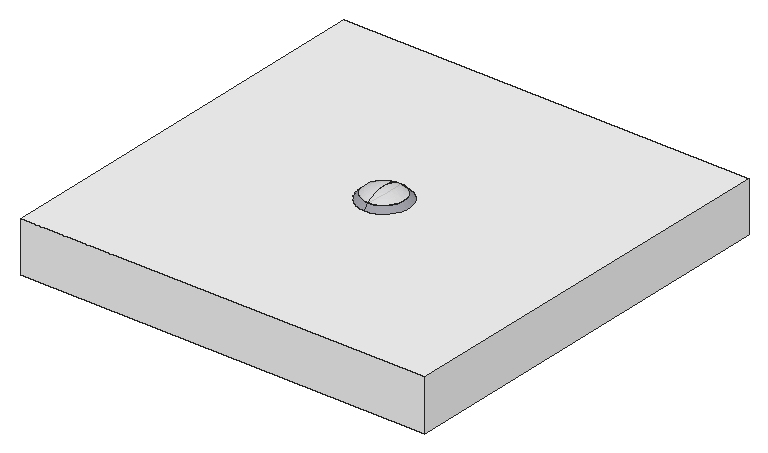
Revit family "Sarlam_Lighting_Bulkhead_Chartres_Essentiel_T1_Diam_300mm_1500Lm", category Luminaires, Revit 2020
Family settings
  Hôte = Face
  Cote de connecteur circulaire = Utiliser le diamètre
  Type d'élément = Normal
  Couper avec des vides une fois chargée = Non
  Source d'éclairage = Oui
  Partagée = Non
  Point de calcul de pièce = Non
Parameters (values of type "ON/OFF GREY METAL")
  Zone plafond formes 1à7 [instance] = and(not(Outer diameter = 328 mm), or([Standard Formes 1-3-6]), not([Detection area - Wall]), [Detection area - Ceiling])  # no
  Zone murale formes 1à7 [instance] = and(not(Outer diameter = 328 mm), or([Standard Formes 1-3-6]), [Detection area - Wall], not([Detection area - Ceiling]))  # no
  With movement sensor = no
  With light sensor = no
  Width = 300 mm
  Voltage type = "AC"
  Type of dimming = "Not dimmable"
  Type of control gear = "LED operating device current-controlled"
  System power W = 14
  Suitable for wall mounting = yes
  Suitable for suspended mounting = no
  Suitable for surface mounting = yes
  Suitable for ceiling mounting = yes
  Suitable for built-in mounting = no
  Radiation angle = "Open beam"
  Protection Class = "II"
  Outer diameter = 300 mm
  Nominal voltage (Un) V MIN = 207
  Nominal voltage (Un) V MAX = 253
  Nominal current mA MIN = 55
  Nominal current mA MAX = 68
  Material housing = Plastique
  Light sharing = "Symmetric"
  Length = 300 mm
  Lamp type = "LED not exchangeable"
  Lamp power at multiwatt = "14/24W"
  Lamp power W = ""
  Lamp holder = "None"
  Impact strength (IK) = "IK10"
  Height/depth = 70 mm
  General Conditions of Use = "https://export.legrand.com/en/terms-of-use-BIM-objects"
  Effective luminous flux lm = 1500
  Detection area = ""
  URL = "http://www.legrandoc.com/SL532108"
  built-in parameter 1150107 = 3200 (stored number, unit not read)
  Standard Formes 1-3-6 = yes
  Wattage = 9.2903 W
  built-in parameter 1150110 = 1 (stored number, unit not read)
  built-in parameter 1150109 = 1 (stored number, unit not read)
  built-in parameter 1114218 = 1 (stored number, unit not read)
  built-in parameter 1150113 = 1 (stored number, unit not read)
  built-in parameter 1150112 = 1 (stored number, unit not read)
  built-in parameter 1150137 = (empty or 0)
  built-in parameter 1150132 = (empty or 0)
  Modèle = "SL-532108"
  built-in parameter 1150105 = 109.82 (stored number, unit not read)
  built-in parameter 1150102 = (empty or 0)
  Dimming Lamp Color Temperature Shift = (empty or 0)
  Lumens = 1380 lm
  Color Filter = 16777215
  Fichier de distribution photométrique = "SL532106.ies"
  built-in parameter 1114217 = 1 (stored number, unit not read)
  built-in parameter 1150139 = (empty or 0)
  Fabricant = "LEGRAND"
  Emettre à partir du diamètre du cercle = 200 mm
  Emit Shape Visible in Rendering = no
  built-in parameter 1150104 = 13.8 (stored number, unit not read)
  built-in parameter 1150106 = 1.0982 (stored number, unit not read)
  built-in parameter 1150115 = 1 (stored number, unit not read)
  built-in parameter 1150114 = 1 (stored number, unit not read)
  Description = "CHARTRES ESSENTIEL 1500LM 4000K STANDARD ON/OFF SILVER"
  Degree of protection (IP) = "IP55"
  built-in parameter 1150138 = (empty or 0)
  built-in parameter 1150134 = 3
  Colour temperature K MIN = 4000
  Colour temperature K MAX = 4000
  Colour rendering index CRI = "80-89"
  Colour housing = LEGRAND - Grey
  Built-in width = 300 mm
  Built-in length = 0 mm
  Built-in height/depth = 0 mm
  Built-in diameter = 0 mm
  Tilt Angle = 0.00°
  Detection area - Ceiling [instance] = no
  Detection area - Wall [instance] = no
  Elévation par défaut = 2500 mm
  Tag [instance] = no
  built-in parameter 1150133 = 10 (stored number, unit not read)
Types (6, lengths in mm): name | With movement sensor | With light sensor | System power W | Nominal current mA MIN | Nominal current mA MAX | Detection area | URL | Modèle | Description | Colour housing
  ON/OFF WHITE | no | no | 14 | 55 | 68 | "" | "http://www.legrandoc.com/SL532106" | "SL-532106" | "CHARTRES ESSENTIEL 1500LM 4000K STANDARD ON/OFF WHITE" | LEGRAND - White
  ON/OFF ANTHRACITE | no | no | 14 | 55 | 68 | "" | "http://www.legrandoc.com/SL532107" | "SL-532107" | "CHARTRES ESSENTIEL 1500LM 4000K STANDARD ON/OFF BLACK" | LEGRAND - Anthracite
  ON/OFF GREY METAL | no | no | 14 | 55 | 68 | "" | "http://www.legrandoc.com/SL532108" | "SL-532108" | "CHARTRES ESSENTIEL 1500LM 4000K STANDARD ON/OFF SILVER" | LEGRAND - Grey
  With microwave sensor WHITE | yes | yes | 15 | 59 | 73 | "Detection at 2,5m high Ceiling: Ø6m max Wall: Ellipse 16*17m" | "http://www.legrandoc.com/SL532146" | "SL-532146" | "CHARTRES ESSENTIEL 1500LM 4000K  STANDARD DETECTION HF WHITE" | LEGRAND - White
  With microwave sensor ANTHRACITE | yes | yes | 15 | 59 | 73 | "Detection at 2,5m high Ceiling: Ø6m max Wall: Ellipse 16*17m" | "http://www.legrandoc.com/SL532147" | "SL-532147" | "CHARTRES ESSENTIEL 1500LM 4000K  STANDARD DETECTION HF BLACK" | LEGRAND - Anthracite
  With microwave sensor GREY METAL | yes | yes | 15 | 59 | 73 | "Detection at 2,5m high Ceiling: Ø6m max Wall: Ellipse 16*17m" | "http://www.legrandoc.com/SL532148" | "SL-532148" | "CHARTRES ESSENTIEL 1500LM 4000K  STANDARD DETECTION HF SILVER" | LEGRAND - Grey
Reference planes
  plane 1 "Centre (avant/arrière)": y = 0
  plane 2: z = 0
  plane 3 "Centre (gauche/droite)": x = 0
  plane 4: z = 90
Forms (mm)
  Extrusion 1, solid, material "Blanc"
    sketch origin (0, 0, 0) x (1, 0, 0) y (0, 1, 0)
      loop
        line (-1219.2, 1219.2) -> (-1219.2, -1219.2) -> (1219.2, -1219.2) -> (1219.2, 1219.2) -> (-1219.2, 1219.2)
    from 0 to -304.8
Lines and regions (mm)
  model lines, not visible
    curve 1: line (0, 0, 0) -> (0, 0, 2230)
    curve 2: line (0, 0, 0) -> (0, 3300, 0)
    curve 3: line (0, 0, 0) -> (-2620, 0, 0)
Dimensions and locks
  level to plane 4 = 90 mm
  aligned and locked: plane 2 to Extrusion 1
  aligned and locked: level to Extrusion 1
  aligned and locked: imposter light to plane 4
  aligned and locked: plane 3 "Centre (gauche/droite)" to imposter light
Nested families
  nested 1: "Zone de détection murale Chartres-Astreo" at (0, 0, 0) x (0, 0, 1) z (0, -1, 0), visible <- "Detection area - Wall", type "Zone de détection murale"
  nested 2: "Formes 1-2-3-4-6-7-8-9" at (0, 0, 0), type "Formes"
    with Standard Formes 1-3-6 yes, Fl 70 mm, Dimension hublot 121.1 mm, Diamètre total 300 mm, Courbure 195.7 mm
  nested 3: "Zone de détection plafond Chartres-Astreo" at (0, 0, 2500), visible <- "Detection area - Ceiling", type "Zone de détection plafond"
    with Zone plafond Formes 8à9 no
  nested 4: "Zone de détection murale Chartres-Astreo" at (0, 0, 0) x (0, 0, 1) z (1, 0, 0), visible <- "Detection area - Wall", type "Zone de détection murale"
  nested 5: "Etiquette de zone" at (-40, 225, 0) x (-1, 0, 0) z (0, 0, 1), visible <- "Tag", type "Etiquette de zone"
Connectors
  electrical at (0, 0, 0)
    settings: on nested 2, index 1, voltage 230 V, apparent load 0 VA, apparent load phase1 0 VA, apparent load phase2 0 VA, apparent load phase3 0 VA, power factor 1, load classification "Eclairage", number of poles 1, system type 30, power factor state 1, is connector primary yes, connector utility no, sub classification motor no, connector description ""
Definition of nested family "Formes 1-2-3-4-6-7-8-9"
  Parameters (values of type "Formes")
    Standard Forme 8 = no
    Standard Formes 1-3-6 = no
    Matériau hublot = none
    Matériau corps = none
    Fl = if(Diamètre total < 325 mm, 70 mm, if(Diamètre total = 328 mm, 107 mm, 90 mm))  # 107 mm
    Default Elevation = 0 mm
    Dimension hublot = if(Diamètre total = 300 mm, 121.1 mm, if(Diamètre total = 322 mm, 129.3 mm, if(Diamètre total = 328 mm, 148.6 mm, if(Diamètre total = 420 mm, 179.2 mm, 185.3 mm))))  # 148.6 mm
    Diamètre total = 328 mm
    Courbure = if(Diamètre total = 300 mm, 195.7 mm, if(Diamètre total = 322 mm, 220.2 mm, if(Diamètre total = 328 mm, 179.2 mm, if(Diamètre total = 420 mm, 290 mm, 307.8 mm))))  # 179.2 mm
    Couleur corps = none
    Antivandale Forme 9 = no
    Antivandale Formes 2-4-7 = no
  Reference planes
    plane 1 "Centre (avant/arrière)": y = 0
    plane 2: z = 0
    plane 3 "Centre (gauche/droite)": x = 0
    plane 4: y = 164
    plane 5: y = -164
    plane 6: y = 148.6
  Forms (mm)
    Revolve 1, solid, material <- "Matériau hublot"
      sketch origin (0, 0, 0) x (0, 0, -1) y (0, 1, 0)
        loop
          arc (-28, 148.6) -> (-86.03, 84.151) -> (-107, 0) r 179.2
          line (-107, 0) -> (-28, 0) -> (-28, 148.6)
        axis (-28, 0) -> (-107, 0)
      angle from 0 to 360
  Dimensions and locks
    equal spacing: plane 4, plane 1 "Centre (avant/arrière)", plane 5
    "Diamètre total": plane 4 to plane 5
    equal spacing: plane 5, plane 1 "Centre (avant/arrière)", plane 4
    "Dimension hublot": plane 1 "Centre (avant/arrière)" to plane 6
    "Fl": Revolve 1 sketch curve to plane 2
    "Courbure": radius of Revolve 1 sketch curve
    aligned and locked: level to plane 2
    aligned and locked: plane 6 to Revolve 1 sketch curve
    aligned and locked: plane 2 to nested 2
  Automatic sketch dimensions
    Revolve 1 sketch curve to plane 1 "Centre (avant/arrière)" = 0 mm  (x2)
    level to Revolve 1 sketch curve = 28 mm
    Revolve 1 sketch curve to Revolve 1 sketch curve = 1811.469 mm
    Revolve 1 sketch curve to Revolve 1 sketch curve = 1147.22 mm
  Nested families
    nested 1: "Corps standard Formes 1-3-6" at (0, 0, 0), visible <- "Standard Formes 1-3-6", type "Corps standard Formes 1-3-6"
      with Diamètre 328 mm
    nested 2: "Corps antivandale Formes 2-4-7" at (0, 0, 0), visible <- "Antivandale Formes 2-4-7", type "Corps antivandale Formes 2-4-7"
      with Diamètre 328 mm
    nested 3: "Corps standard Forme 8" at (0, 0, 0), visible <- "Standard Forme 8", type "Corps standard Forme 8"
    nested 4: "Corps antivandale Forme 9" at (0, 0, 0), visible <- "Antivandale Forme 9", type "Corps antivandale Forme 9"
  Definition of nested family "Corps standard Formes 1-3-6"
    Parameters (values of type "Corps standard")
      Matériau corps = none
      Default Elevation = 0 mm
      Couleur corps = none
      Diamètre = 322 mm
      Courbure = if(Diamètre < 400 mm, 195.7 mm, 290 mm)  # 195.7 mm
    Reference planes
      plane 1 "Centre (avant/arrière)": y = 0
      plane 2: z = 0
      plane 3 "Centre (gauche/droite)": x = 0
      plane 4: y = 161
      plane 5: y = -161
      plane 6: z = 28
    Forms (mm)
      Revolve 1, solid, material <- "Couleur corps"
        sketch origin (0, 0, 0) x (0, 0, -1) y (0, 1, 0)
          loop
            line (0, 0) -> (0, 161)
            arc (0, 161) -> (-14.55, 149.906) -> (-28, 137.502) r 195.7
            line (-28, 137.502) -> (-28, 0) -> (0, 0)
          axis (0, 0) -> (-28, 0)
        angle from 0 to 360
    Dimensions and locks
      equal spacing: plane 4, plane 1 "Centre (avant/arrière)", plane 5
      "Diamètre": plane 4 to plane 5
      equal spacing: plane 5, plane 1 "Centre (avant/arrière)", plane 4
      "Courbure": radius of Revolve 1 sketch curve
      aligned and locked: level to plane 2
      aligned and locked: plane 2 to Revolve 1  (x2)
      aligned and locked: Revolve 1 to plane 2
      aligned and locked: plane 6 to Revolve 1
    Automatic sketch dimensions
      Revolve 1 sketch curve to plane 1 "Centre (avant/arrière)" = 0 mm  (x3)
      Revolve 1 sketch curve to plane 6 = 0 mm
      Revolve 1 sketch curve to level = 0 mm
      Revolve 1 sketch curve to plane 4 = 0 mm
      plane 6 to Revolve 1 sketch curve = 1833.51 mm
      Revolve 1 sketch curve to Revolve 1 sketch curve = 1167.217 mm
  Definition of nested family "Corps antivandale Formes 2-4-7"
    Parameters (values of type "Corps antivandale")
      Rayon réseau vis = if(Diamètre < 400 mm, 137.2 mm, 193.2 mm)  # 137.2 mm
      Matériau corps = none
      Default Elevation = 0 mm
      Diamètre = 322 mm
      Courbure = if(Diamètre < 400 mm, 220.2 mm, 307.8 mm)  # 220.2 mm
      Couleur corps = none
    Reference planes
      plane 1 "Centre (avant/arrière)": y = 0
      plane 2: z = 0
      plane 3 "Centre (gauche/droite)": x = 0
      plane 4: y = 161
      plane 5: y = -161
      plane 6: z = 28
      plane 7: through (0, 0, 1200) normal (0.5, 0.866, 0)
      plane 8: through (0, 0, 1200) normal (0.5, -0.866, 0)
    Forms (mm)
      Revolve 1, solid, material <- "Couleur corps"
        sketch origin (0, 0, 0) x (0, 0, -1) y (0, 1, 0)
          loop
            line (0, 0) -> (0, 161)
            arc (0, 161) -> (-14.762, 145.835) -> (-28, 129.323) r 220.2
            line (-28, 129.323) -> (-28, 0) -> (0, 0)
          axis (0, 0) -> (-28, 0)
        angle from 0 to 360
      Extrusion 2, solid, material <- "Couleur corps"
        sketch origin (0, -0.04, 0) x (1, 0, 0) y (0, 1, 0)
          loop
            line (-4, 129.32) -> (-4, 137.3)
            arc (-4, 137.3) -> (0, 141.3) -> (4, 137.3) r 4
            line (4, 137.3) -> (4, 129.32)
            arc (4, 129.32) -> (5, 129.285) -> (6, 129.243) r 129.323
            line (6, 129.243) -> (6, 137.3)
            arc (6, 137.3) -> (0, 143.3) -> (-6, 137.3) r 6
            line (-6, 137.3) -> (-6, 129.243)
            arc (-6, 129.243) -> (-5, 129.285) -> (-4, 129.32) r 129.323
        from 15.189 to 28
      Extrusion 3, solid, material <- "Couleur corps"
        sketch origin (-0.035, 0.02, 0) x (-0.5, -0.866025, 0) y (0.866025, -0.5, 0)
          loop
            line (-4, 129.32) -> (-4, 137.3)
            arc (-4, 137.3) -> (0, 141.3) -> (4, 137.3) r 4
            line (4, 137.3) -> (4, 129.32)
            arc (4, 129.32) -> (5, 129.285) -> (6, 129.243) r 129.323
            line (6, 129.243) -> (6, 137.3)
            arc (6, 137.3) -> (0, 143.3) -> (-6, 137.3) r 6
            line (-6, 137.3) -> (-6, 129.243)
            arc (-6, 129.243) -> (-5, 129.285) -> (-4, 129.32) r 129.323
        from 15.189 to 28
      Extrusion 4, solid, material <- "Couleur corps"
        sketch origin (0.035, 0.02, 0) x (-0.5, 0.866025, 0) y (-0.866025, -0.5, 0)
          loop
            line (-4, 129.32) -> (-4, 137.3)
            arc (-4, 137.3) -> (0, 141.3) -> (4, 137.3) r 4
            line (4, 137.3) -> (4, 129.32)
            arc (4, 129.32) -> (5, 129.285) -> (6, 129.243) r 129.323
            line (6, 129.243) -> (6, 137.3)
            arc (6, 137.3) -> (0, 143.3) -> (-6, 137.3) r 6
            line (-6, 137.3) -> (-6, 129.243)
            arc (-6, 129.243) -> (-5, 129.285) -> (-4, 129.32) r 129.323
        from 15.189 to 28
      Revolve 5, solid
        sketch origin (0, 0.018, -12.656) x (0, 1, 0) y (0, 0, 1)
          loop
            line (136.525, 38.942) -> (136.525, 29.094) -> (136.962, 29.907) -> (137.751, 35.518) -> (140.148, 38.942) -> (136.525, 38.942)
          axis (136.525, 29.094) -> (136.525, 38.942)
        angle from 0 to 360
      Revolve 6, solid
        sketch origin (0.016, -0.009, -12.656) x (0.866025, -0.5, 0) y (0, 0, 1)
          loop
            line (136.525, 38.942) -> (136.525, 29.094) -> (136.962, 29.907) -> (137.751, 35.518) -> (140.148, 38.942) -> (136.525, 38.942)
          axis (136.525, 29.094) -> (136.525, 38.942)
        angle from 0 to 360
      Revolve 7, solid
        sketch origin (-0.016, -0.009, -12.656) x (-0.866025, -0.5, 0) y (0, 0, 1)
          loop
            line (136.525, 38.942) -> (136.525, 29.094) -> (136.962, 29.907) -> (137.751, 35.518) -> (140.148, 38.942) -> (136.525, 38.942)
          axis (136.525, 29.094) -> (136.525, 38.942)
        angle from 0 to 360
    Cuts and joins
      joined: Revolve 1, Extrusion 2
    Lines and regions (mm)
      model lines
        curve 1: line (-2.5, 136.543, 26.285) -> (2.5, 136.543, 26.285)
        curve 2: line (0, 138.995, 26.285) -> (0, 133.995, 26.285)
        curve 3: line (119.5, -66.107, 26.285) -> (117, -70.437, 26.285)
        curve 4: line (120.373, -69.497, 26.285) -> (116.043, -66.997, 26.285)
        curve 5: line (-117, -70.437, 26.285) -> (-119.5, -66.107, 26.285)
        curve 6: line (-120.373, -69.497, 26.285) -> (-116.043, -66.997, 26.285)
    Dimensions and locks
      equal spacing: plane 4, plane 1 "Centre (avant/arrière)", plane 5
      "Diamètre": plane 4 to plane 5
      equal spacing: plane 5, plane 1 "Centre (avant/arrière)", plane 4
      "Courbure": radius of Revolve 1 sketch curve
      "Rayon réseau vis": radius of radial array
      aligned and locked: level to plane 2
      aligned and locked: plane 2 to Revolve 1  (x2)
      aligned and locked: Revolve 1 to plane 2
      aligned and locked: plane 6 to Revolve 1
    Automatic sketch dimensions
      Extrusion 2 sketch curve to Extrusion 2 sketch curve = 0 mm  (x9)
      Extrusion 2 sketch curve to Extrusion 2 sketch curve = 7.98 mm
      Extrusion 2 sketch curve to Extrusion 2 sketch curve = 0.077 mm
      Extrusion 2 sketch curve to Extrusion 2 sketch curve = 2 mm
      Extrusion 2 sketch curve to Extrusion 2 sketch curve = 4 mm
      Extrusion 2 sketch curve to Extrusion 2 sketch curve = 6 mm
      Extrusion 3 sketch curve to Extrusion 3 sketch curve = 0 mm  (x9)
      Extrusion 3 sketch curve to Extrusion 3 sketch curve = 7.98 mm
      Extrusion 3 sketch curve to Extrusion 3 sketch curve = 0.077 mm
      Extrusion 3 sketch curve to Extrusion 3 sketch curve = 2 mm
      Extrusion 3 sketch curve to Extrusion 3 sketch curve = 4 mm
      Extrusion 3 sketch curve to Extrusion 3 sketch curve = 6 mm
      Extrusion 4 sketch curve to Extrusion 4 sketch curve = 0 mm  (x9)
      Extrusion 4 sketch curve to Extrusion 4 sketch curve = 7.98 mm
      Extrusion 4 sketch curve to Extrusion 4 sketch curve = 0.077 mm
      Extrusion 4 sketch curve to Extrusion 4 sketch curve = 2 mm
      Extrusion 4 sketch curve to Extrusion 4 sketch curve = 4 mm
      Extrusion 4 sketch curve to Extrusion 4 sketch curve = 6 mm
      Revolve 7 sketch curve to Revolve 7 sketch curve = 0.437 mm  (x2)
      Revolve 7 sketch curve to Revolve 7 sketch curve = 1.226 mm  (x2)
      Revolve 7 sketch curve to Revolve 7 sketch curve = 2.397 mm
      Revolve 7 sketch curve to Revolve 7 sketch curve = 0.813 mm  (x2)
      Revolve 7 sketch curve to Revolve 7 sketch curve = 5.611 mm  (x2)
      Revolve 7 sketch curve to Revolve 7 sketch curve = 3.424 mm  (x2)
      Revolve 7 sketch curve to Revolve 7 sketch curve = 0 mm  (x2)
      Revolve 7 sketch curve to Revolve 7 sketch curve = 0.975 mm
      Revolve 7 sketch curve to Revolve 7 sketch curve = 3.281 mm  (x2)
      Revolve 5 sketch curve to Revolve 5 sketch curve = 0.437 mm  (x2)
      Revolve 5 sketch curve to Revolve 5 sketch curve = 1.226 mm  (x2)
      Revolve 5 sketch curve to Revolve 5 sketch curve = 3.623 mm
      Revolve 5 sketch curve to Revolve 5 sketch curve = 5.611 mm  (x2)
      Revolve 5 sketch curve to Revolve 5 sketch curve = 3.424 mm  (x2)
      Revolve 5 sketch curve to Revolve 5 sketch curve = 0 mm  (x2)
      Revolve 5 sketch curve to Revolve 5 sketch curve = 0.813 mm  (x2)
      Revolve 5 sketch curve to Revolve 5 sketch curve = 0.162 mm
      Revolve 5 sketch curve to Revolve 5 sketch curve = 3.281 mm  (x2)
      Revolve 6 sketch curve to Revolve 6 sketch curve = 0.437 mm  (x2)
      Revolve 6 sketch curve to Revolve 6 sketch curve = 1.226 mm  (x2)
      Revolve 6 sketch curve to Revolve 6 sketch curve = 3.623 mm
      Revolve 6 sketch curve to Revolve 6 sketch curve = 5.611 mm  (x2)
      Revolve 6 sketch curve to Revolve 6 sketch curve = 3.424 mm  (x2)
      Revolve 6 sketch curve to Revolve 6 sketch curve = 0 mm  (x2)
      Revolve 6 sketch curve to Revolve 6 sketch curve = 0.813 mm  (x2)
      Revolve 6 sketch curve to Revolve 6 sketch curve = 0.162 mm
      Revolve 6 sketch curve to Revolve 6 sketch curve = 3.281 mm  (x2)
      Revolve 7 sketch curve to Revolve 7 sketch curve = 3.623 mm
      Revolve 7 sketch curve to Revolve 7 sketch curve = 0.162 mm
      curve 2 to Revolve 5 = 0 mm
      curve 2 to curve 1 = 2.548 mm
      curve 1 to curve 2 = 2.452 mm
      Revolve 5 to curve 1 = 2.5 mm
      curve 1 to Revolve 5 = 2.5 mm
      curve 4 to Revolve 6 = 0 mm
      curve 4 to curve 3 = 2.548 mm
      curve 3 to curve 4 = 2.452 mm
      Revolve 6 to curve 3 = 2.5 mm
      curve 3 to Revolve 6 = 2.5 mm
      curve 6 to Revolve 7 = 0 mm
      curve 6 to curve 5 = 2.548 mm
      curve 5 to curve 6 = 2.452 mm
      Revolve 7 to curve 5 = 2.5 mm
      curve 5 to Revolve 7 = 2.5 mm
      Revolve 5 sketch curve to Revolve 5 sketch curve = 2.397 mm
      Revolve 5 sketch curve to Revolve 5 sketch curve = 0.975 mm
      Revolve 6 sketch curve to Revolve 6 sketch curve = 2.397 mm
      Revolve 6 sketch curve to Revolve 6 sketch curve = 0.975 mm
      Revolve 1 sketch curve to plane 1 "Centre (avant/arrière)" = 0 mm  (x3)
      Revolve 1 sketch curve to plane 6 = 0 mm
      Revolve 1 sketch curve to level = 0 mm
      Revolve 1 sketch curve to plane 4 = 0 mm
      plane 6 to Revolve 1 sketch curve = 1833.51 mm
      Revolve 1 sketch curve to Revolve 1 sketch curve = 1128.321 mm
  Definition of nested family "Corps standard Forme 8"
    Parameters (values of type "Corps standard Forme 8")
      Matériau corps = none
      Default Elevation = 0 mm
      Couleur corps = none
      Diamètre = 328 mm
    Reference planes
      plane 1 "Centre (avant/arrière)": y = 0
      plane 2: z = 0
      plane 3 "Centre (gauche/droite)": x = 0
      plane 4: y = 164
      plane 5: y = -164
      plane 6: z = 28
      plane 7: y = 7.5
      plane 8: y = -7.5
    Forms (mm)
      Revolve 1, solid, material <- "Couleur corps"
        sketch origin (0, 0, 0) x (0, 0, -1) y (0, 1, 0)
          loop
            line (0, 0) -> (0, 164)
            arc (0, 164) -> (-14.345, 156.905) -> (-28, 148.559) r 179.182
            line (-28, 148.559) -> (-28, 0) -> (0, 0)
          axis (0, 0) -> (-28, 0)
        angle from 0 to 360
      Sweep 2, void
        path origin (0, 0, 0) x (1, 0, 0) y (0, 1, 0)
          loop
            arc (153.049, 7.5) -> (0, 153.232) -> (-153.049, 7.5) r 153.232
        profile origin (0, 153.232, 0) x (0, -1, 0) y (0, 0, 1)
          loop
            line (-5.469, 6.213) -> (-10.469, 16.465) -> (-10.469, 6.213) -> (-5.469, 6.213)
      Sweep 3, void
        path origin (0, 0, 0) x (1, 0, 0) y (0, 1, 0)
          loop
            arc (153.049, 7.5) -> (0, 153.232) -> (-153.049, 7.5) r 153.232
        profile origin (0, 153.232, 0) x (0, -1, 0) y (0, 0, 1)
          loop
            line (-1.643, 13.471) -> (-6.643, 23.723) -> (-6.643, 13.471) -> (-1.643, 13.471)
      Sweep 4, void
        path origin (0, 0, 0) x (1, 0, 0) y (0, -1, 0)
          loop
            arc (153.049, 7.5) -> (0, 153.232) -> (-153.049, 7.5) r 153.232
        profile origin (0, -153.232, 0) x (0, -1, 0) y (0, 0, 1)
          loop
            line (1.643, 13.471) -> (6.643, 13.471) -> (6.643, 23.723) -> (1.643, 13.471)
      Sweep 5, void
        path origin (0, 0, 0) x (1, 0, 0) y (0, -1, 0)
          loop
            arc (153.049, 7.5) -> (0, 153.232) -> (-153.049, 7.5) r 153.232
        profile origin (0, -153.232, 0) x (0, -1, 0) y (0, 0, 1)
          loop
            line (5.469, 6.213) -> (10.469, 6.213) -> (10.469, 16.465) -> (5.469, 6.213)
    Cuts and joins
      Sweep 2, Sweep 3, Sweep 4, Sweep 5 cuts Revolve 1
    Dimensions and locks
      equal spacing: plane 4, plane 1 "Centre (avant/arrière)", plane 5
      "Diamètre": plane 4 to plane 5
      equal spacing: plane 5, plane 1 "Centre (avant/arrière)", plane 4
      aligned and locked: level to plane 2
      aligned and locked: plane 2 to Revolve 1  (x2)
      aligned and locked: Revolve 1 to plane 2
      aligned and locked: plane 6 to Revolve 1
    Automatic sketch dimensions
      Sweep 2 sketch curve to plane 7 = 0 mm  (x2)
      plane 1 "Centre (avant/arrière)" to Sweep 2 sketch curve = 0 mm
      Sweep 2 sketch curve to plane 3 "Centre (gauche/droite)" = 0 mm
      Sweep 2 sketch curve to plane 3 "Centre (gauche/droite)" = 153.049 mm
      Sweep 3 sketch curve to plane 7 = 0 mm  (x2)
      plane 1 "Centre (avant/arrière)" to Sweep 3 sketch curve = 0 mm
      Sweep 3 sketch curve to plane 3 "Centre (gauche/droite)" = 0 mm
      Sweep 3 sketch curve to plane 3 "Centre (gauche/droite)" = 153.049 mm
      Sweep 4 sketch curve to plane 8 = 0 mm  (x2)
      plane 1 "Centre (avant/arrière)" to Sweep 4 sketch curve = 0 mm
      Sweep 4 sketch curve to plane 3 "Centre (gauche/droite)" = 0 mm
      plane 3 "Centre (gauche/droite)" to Sweep 4 sketch curve = 153.049 mm
      Sweep 5 sketch curve to plane 8 = 0 mm  (x2)
      plane 1 "Centre (avant/arrière)" to Sweep 5 sketch curve = 0 mm
      Sweep 5 sketch curve to plane 3 "Centre (gauche/droite)" = 0 mm
      plane 3 "Centre (gauche/droite)" to Sweep 5 sketch curve = 153.049 mm
      Revolve 1 sketch curve to plane 1 "Centre (avant/arrière)" = 0 mm  (x3)
      Revolve 1 sketch curve to plane 6 = 0 mm
      Revolve 1 sketch curve to level = 0 mm
      Revolve 1 sketch curve to plane 4 = 0 mm
      Revolve 1 sketch curve to Revolve 1 sketch curve = 72.182 mm
      plane 6 to Revolve 1 sketch curve = 1833.51 mm
      Revolve 1 sketch curve to Revolve 1 sketch curve = 1201.817 mm
      profile plane to Sweep 2 sketch curve = 10.469 mm
      Sweep 2 sketch curve to Sweep 2 sketch curve = 5 mm
      level to Sweep 2 sketch curve = 6.213 mm
      Sweep 2 sketch curve to Sweep 2 sketch curve = 10.252 mm
      profile plane to Sweep 3 sketch curve = 6.643 mm
      profile plane to Sweep 3 sketch curve = 1.643 mm
      level to Sweep 3 sketch curve = 13.471 mm
      Sweep 3 sketch curve to Sweep 3 sketch curve = 10.252 mm
      Sweep 4 sketch curve to profile plane = 1.643 mm
      Sweep 4 sketch curve to profile plane = 6.643 mm
      level to Sweep 4 sketch curve = 13.471 mm
      Sweep 4 sketch curve to Sweep 4 sketch curve = 10.252 mm
      Sweep 5 sketch curve to profile plane = 5.469 mm
      Sweep 5 sketch curve to profile plane = 10.469 mm
      level to Sweep 5 sketch curve = 6.213 mm
      Sweep 5 sketch curve to Sweep 5 sketch curve = 10.252 mm
  Definition of nested family "Corps antivandale Forme 9"
    Parameters (values of type "Corps antivandale Forme 9")
      Matériau corps = none
      Default Elevation = 0 mm
      Couleur corps = none
      Diamètre = 328 mm
    Reference planes
      plane 1 "Centre (avant/arrière)": y = 0
      plane 2: z = 0
      plane 3 "Centre (gauche/droite)": x = 0
      plane 4: y = 164
      plane 5: y = -164
      plane 6: z = 28
      plane 7: y = 7.5
      plane 8: y = -7.5
    Forms (mm)
      Revolve 1, solid, material <- "Couleur corps"
        sketch origin (0, 0, 0) x (0, 0, -1) y (0, 1, 0)
          loop
            line (0, 0) -> (0, 164)
            arc (0, 164) -> (-14.345, 156.905) -> (-28, 148.559) r 179.182
            line (-28, 148.559) -> (-28, 0) -> (0, 0)
          axis (0, 0) -> (-28, 0)
        angle from 0 to 360
      Extrusion 2, void
        sketch origin (-1.406, 0, 0) x (1, 0, 0) y (0, 1, 0)
          loop
            circle (157.486, 0) r 5
        from 5.665 to 28
      Sweep 3, void
        path origin (0, 0, 0) x (1, 0, 0) y (0, 1, 0)
          loop
            arc (153.049, 7.5) -> (0, 153.232) -> (-153.049, 7.5) r 153.232
        profile origin (0, 153.232, 0) x (0, -1, 0) y (0, 0, 1)
          loop
            line (-5.469, 6.213) -> (-10.469, 16.465) -> (-10.469, 6.213) -> (-5.469, 6.213)
      Extrusion 4, void
        sketch origin (1.406, 0, 0) x (-1, 0, 0) y (0, -1, 0)
          loop
            circle (157.486, 0) r 5
        from 5.665 to 28
      Sweep 5, void
        path origin (0, 0, 0) x (1, 0, 0) y (0, 1, 0)
          loop
            arc (153.049, 7.5) -> (0, 153.232) -> (-153.049, 7.5) r 153.232
        profile origin (0, 153.232, 0) x (0, -1, 0) y (0, 0, 1)
          loop
            line (-1.643, 13.471) -> (-6.643, 23.723) -> (-6.643, 13.471) -> (-1.643, 13.471)
      Sweep 6, void
        path origin (0, 0, 0) x (1, 0, 0) y (0, -1, 0)
          loop
            arc (153.049, 7.5) -> (0, 153.232) -> (-153.049, 7.5) r 153.232
        profile origin (0, -153.232, 0) x (0, -1, 0) y (0, 0, 1)
          loop
            line (1.643, 13.471) -> (6.643, 13.471) -> (6.643, 23.723) -> (1.643, 13.471)
      Sweep 7, void
        path origin (0, 0, 0) x (1, 0, 0) y (0, -1, 0)
          loop
            arc (153.049, 7.5) -> (0, 153.232) -> (-153.049, 7.5) r 153.232
        profile origin (0, -153.232, 0) x (0, -1, 0) y (0, 0, 1)
          loop
            line (5.469, 6.213) -> (10.469, 6.213) -> (10.469, 16.465) -> (5.469, 6.213)
      Revolve 8, solid
        sketch origin (-156.149, -136.533, -30.469) x (0, 1, 0) y (0, 0, 1)
          loop
            line (136.525, 38.942) -> (136.525, 31.651) -> (137.319, 32.445) -> (137.923, 36.741) -> (139.106, 38.942) -> (136.525, 38.942)
          axis (136.525, 31.651) -> (136.525, 38.942)
        angle from 0 to 360
      Revolve 9, solid
        sketch origin (156.149, -136.533, -30.469) x (0, 1, 0) y (0, 0, -1)
          loop
            line (136.525, -38.942) -> (139.106, -38.942) -> (137.923, -36.741) -> (137.319, -32.445) -> (136.525, -31.651) -> (136.525, -38.942)
          axis (136.525, -31.651) -> (136.525, -38.942)
        angle from 0 to 360
    Cuts and joins
      Extrusion 2, Sweep 3, Extrusion 4, Sweep 5, Sweep 6, Sweep 7 cuts Revolve 1
    Lines and regions (mm)
      model lines
        curve 1: line (-156.149, 1.39, 8.473) -> (-156.149, -1.406, 8.473)
        curve 2: line (-157.503, 0, 8.473) -> (-154.615, 0, 8.473)
        curve 3: line (156.149, 1.39, 8.473) -> (156.149, -1.406, 8.473)
        curve 4: line (157.503, 0, 8.473) -> (154.615, 0, 8.473)
    Dimensions and locks
      equal spacing: plane 4, plane 1 "Centre (avant/arrière)", plane 5
      "Diamètre": plane 4 to plane 5
      equal spacing: plane 5, plane 1 "Centre (avant/arrière)", plane 4
      aligned and locked: level to plane 2
      aligned and locked: plane 2 to Revolve 1  (x2)
      aligned and locked: Revolve 1 to plane 2
      aligned and locked: plane 6 to Revolve 1
    Automatic sketch dimensions
      plane 1 "Centre (avant/arrière)" to Extrusion 2 sketch curve = 0 mm
      plane 3 "Centre (gauche/droite)" to Extrusion 2 sketch curve = 156.08 mm
      Sweep 3 sketch curve to plane 7 = 0 mm  (x2)
      plane 1 "Centre (avant/arrière)" to Sweep 3 sketch curve = 0 mm
      Sweep 3 sketch curve to plane 3 "Centre (gauche/droite)" = 0 mm
      Sweep 3 sketch curve to plane 3 "Centre (gauche/droite)" = 153.049 mm
      plane 1 "Centre (avant/arrière)" to Extrusion 4 sketch curve = 0 mm
      plane 3 "Centre (gauche/droite)" to Extrusion 4 sketch curve = 156.08 mm
      Sweep 5 sketch curve to plane 7 = 0 mm  (x2)
      plane 1 "Centre (avant/arrière)" to Sweep 5 sketch curve = 0 mm
      Sweep 5 sketch curve to plane 3 "Centre (gauche/droite)" = 0 mm
      Sweep 5 sketch curve to plane 3 "Centre (gauche/droite)" = 153.049 mm
      Sweep 6 sketch curve to plane 8 = 0 mm  (x2)
      plane 1 "Centre (avant/arrière)" to Sweep 6 sketch curve = 0 mm
      Sweep 6 sketch curve to plane 3 "Centre (gauche/droite)" = 0 mm
      plane 3 "Centre (gauche/droite)" to Sweep 6 sketch curve = 153.049 mm
      Sweep 7 sketch curve to plane 8 = 0 mm  (x2)
      plane 1 "Centre (avant/arrière)" to Sweep 7 sketch curve = 0 mm
      Sweep 7 sketch curve to plane 3 "Centre (gauche/droite)" = 0 mm
      plane 3 "Centre (gauche/droite)" to Sweep 7 sketch curve = 153.049 mm
      Revolve 1 sketch curve to plane 1 "Centre (avant/arrière)" = 0 mm  (x3)
      Revolve 1 sketch curve to plane 6 = 0 mm
      Revolve 1 sketch curve to level = 0 mm
      Revolve 1 sketch curve to plane 4 = 0 mm
      Revolve 1 sketch curve to Revolve 1 sketch curve = 72.182 mm
      plane 6 to Revolve 1 sketch curve = 1833.51 mm
      Revolve 1 sketch curve to Revolve 1 sketch curve = 1201.817 mm
      profile plane to Sweep 3 sketch curve = 10.469 mm
      Sweep 3 sketch curve to Sweep 3 sketch curve = 5 mm
      level to Sweep 3 sketch curve = 6.213 mm
      Sweep 3 sketch curve to Sweep 3 sketch curve = 10.252 mm
      profile plane to Sweep 5 sketch curve = 6.643 mm
      profile plane to Sweep 5 sketch curve = 1.643 mm
      level to Sweep 5 sketch curve = 13.471 mm
      Sweep 5 sketch curve to Sweep 5 sketch curve = 10.252 mm
      Sweep 6 sketch curve to profile plane = 1.643 mm
      Sweep 6 sketch curve to profile plane = 6.643 mm
      level to Sweep 6 sketch curve = 13.471 mm
      Sweep 6 sketch curve to Sweep 6 sketch curve = 10.252 mm
      Sweep 7 sketch curve to profile plane = 5.469 mm
      Sweep 7 sketch curve to profile plane = 10.469 mm
      level to Sweep 7 sketch curve = 6.213 mm
      Sweep 7 sketch curve to Sweep 7 sketch curve = 10.252 mm
      plane 1 "Centre (avant/arrière)" to Revolve 8 sketch curve = 0.008 mm  (x2)
      Revolve 8 sketch curve to plane 1 "Centre (avant/arrière)" = 0.786 mm
      Revolve 8 sketch curve to plane 1 "Centre (avant/arrière)" = 1.39 mm
      Revolve 8 sketch curve to Revolve 8 sketch curve = 1.183 mm
      level to Revolve 8 sketch curve = 1.183 mm
      Revolve 8 sketch curve to Revolve 8 sketch curve = 0.794 mm
      Revolve 8 sketch curve to Revolve 8 sketch curve = 4.296 mm
      Revolve 8 sketch curve to Revolve 8 sketch curve = 2.201 mm
      Revolve 8 sketch curve to level = 0.4 mm
      Revolve 8 sketch curve to Revolve 8 sketch curve = 3.281 mm
      plane 1 "Centre (avant/arrière)" to Revolve 9 sketch curve = 0.008 mm  (x2)
      Revolve 9 sketch curve to plane 1 "Centre (avant/arrière)" = 0.786 mm
      Revolve 9 sketch curve to plane 1 "Centre (avant/arrière)" = 1.39 mm
      Revolve 9 sketch curve to Revolve 9 sketch curve = 1.183 mm
      level to Revolve 9 sketch curve = 8.473 mm
      Revolve 9 sketch curve to Revolve 9 sketch curve = 2.201 mm
      level to Revolve 9 sketch curve = 1.977 mm
      Revolve 9 sketch curve to Revolve 9 sketch curve = 0.794 mm
      Revolve 9 sketch curve to Revolve 9 sketch curve = 3.281 mm
      Revolve 9 sketch curve to level = 0.4 mm
      curve 1 to Revolve 8 = 0 mm
      curve 1 to curve 3 = 0 mm
      curve 1 to curve 2 = 1.406 mm
      curve 3 to curve 4 = 1.406 mm
      curve 4 to curve 3 = 1.39 mm
      curve 2 to curve 1 = 1.39 mm
      Revolve 8 to curve 2 = 1.534 mm
      curve 4 to curve 2 = 309.23 mm
      curve 3 to curve 4 = 1.534 mm
      curve 4 to curve 3 = 1.354 mm
      curve 2 to Revolve 8 = 1.354 mm
      radius of Extrusion 2 sketch curve = 5 mm
      radius of Extrusion 4 sketch curve = 5 mm
Definition of nested family "Zone de détection murale Chartres-Astreo"
  Parameters (values of type "Zone de détection murale")
    Zone murale Formes 8à9 = no
    Zone murale Formes 1à7 = no
  Reference planes
    plane 1 "Centre (avant/arrière)": y = 0
    plane 2: z = 0
    plane 3 "Centre (gauche/droite)": x = 0
    plane 4: x = 3500
    plane 5: y = 1000
    plane 6: x = 10000
    plane 7: y = 3500
    plane 8: x = 13000
    plane 9: y = 4000
    plane 10: x = 17000
    plane 11: y = 8000
    plane 12: x = 6000
    plane 13: x = 8000
  Lines and regions (mm)
    detail lines, in view "Niveau de réf.", visible <- "Zone murale Formes 1à7"
      curve 1: spline (0, 0, 0) -> (59.63, 258.819, 0) -> (234.456, 500, 0) -> (512.563, 707.107, 0) -> (875, 866.025, 0) -> (1297.067, 965.926, 0) -> (1750, 1000, 0) -> (2202.933, 965.926, 0) -> (2625, 866.025, 0) -> (2987.437, 707.107, 0) -> (3265.544, 500, 0) -> (3440.37, 258.819, 0) -> (3500, 0, 0) -> (3440.37, -258.819, 0) -> (3265.544, -500, 0) -> (2987.437, -707.107, 0) -> (2625, -866.025, 0) -> (2202.933, -965.926, 0) -> (1750, -1000, 0) -> (1297.067, -965.926, 0) -> (875, -866.025, 0) -> (512.563, -707.107, 0) -> (234.456, -500, 0) -> (59.63, -258.819, 0) -> (0, 0, 0)
      curve 2: spline (0, 0, 0) -> (170.371, 905.867, 0) -> (669.873, 1750, 0) -> (1464.466, 2474.874, 0) -> (2500, 3031.089, 0) -> (3705.905, 3380.74, 0) -> (5000, 3500, 0) -> (6294.095, 3380.74, 0) -> (7500, 3031.089, 0) -> (8535.534, 2474.874, 0) -> (9330.127, 1750, 0) -> (9829.629, 905.867, 0) -> (10000, 0, 0) -> (9829.629, -905.867, 0) -> (9330.127, -1750, 0) -> (8535.534, -2474.874, 0) -> (7500, -3031.089, 0) -> (6294.095, -3380.74, 0) -> (5000, -3500, 0) -> (3705.905, -3380.74, 0) -> (2500, -3031.089, 0) -> (1464.466, -2474.874, 0) -> (669.873, -1750, 0) -> (170.371, -905.867, 0) -> (0, 0, 0)
      curve 3: spline (0, 0, 0) -> (221.482, 1035.276, 0) -> (870.835, 2000, 0) -> (1903.806, 2828.427, 0) -> (3250, 3464.102, 0) -> (4817.676, 3863.703, 0) -> (6500, 4000, 0) -> (8182.324, 3863.703, 0) -> (9750, 3464.102, 0) -> (11096.194, 2828.427, 0) -> (12129.165, 2000, 0) -> (12778.518, 1035.276, 0) -> (13000, 0, 0) -> (12778.518, -1035.276, 0) -> (12129.165, -2000, 0) -> (11096.194, -2828.427, 0) -> (9750, -3464.102, 0) -> (8182.324, -3863.703, 0) -> (6500, -4000, 0) -> (4817.676, -3863.703, 0) -> (3250, -3464.102, 0) -> (1903.806, -2828.427, 0) -> (870.835, -2000, 0) -> (221.482, -1035.276, 0) -> (0, 0, 0)
      curve 4: spline (0, 0, 0) -> (289.63, 2070.552, 0) -> (1138.784, 4000, 0) -> (2489.592, 5656.854, 0) -> (4250, 6928.203, 0) -> (6300.038, 7727.407, 0) -> (8500, 8000, 0) -> (10699.962, 7727.407, 0) -> (12750, 6928.203, 0) -> (14510.408, 5656.854, 0) -> (15861.216, 4000, 0) -> (16710.37, 2070.552, 0) -> (17000, 0, 0) -> (16710.37, -2070.552, 0) -> (15861.216, -4000, 0) -> (14510.408, -5656.854, 0) -> (12750, -6928.203, 0) -> (10699.962, -7727.407, 0) -> (8500, -8000, 0) -> (6300.038, -7727.407, 0) -> (4250, -6928.203, 0) -> (2489.592, -5656.854, 0) -> (1138.784, -4000, 0) -> (289.63, -2070.552, 0) -> (0, 0, 0)
    detail lines, in view "Niveau de réf.", visible <- "Zone murale Formes 8à9"
      curve 5: spline (0, 0, 0) -> (102.223, 258.819, 0) -> (401.924, 500, 0) -> (878.68, 707.107, 0) -> (1500, 866.025, 0) -> (2223.543, 965.926, 0) -> (3000, 1000, 0) -> (3776.457, 965.926, 0) -> (4500, 866.025, 0) -> (5121.32, 707.107, 0) -> (5598.076, 500, 0) -> (5897.777, 258.819, 0) -> (6000, 0, 0) -> (5897.777, -258.819, 0) -> (5598.076, -500, 0) -> (5121.32, -707.107, 0) -> (4500, -866.025, 0) -> (3776.457, -965.926, 0) -> (3000, -1000, 0) -> (2223.543, -965.926, 0) -> (1500, -866.025, 0) -> (878.68, -707.107, 0) -> (401.924, -500, 0) -> (102.223, -258.819, 0) -> (0, 0, 0)
      curve 6: spline (0, 0, 0) -> (136.297, 647.048, 0) -> (535.898, 1250, 0) -> (1171.573, 1767.767, 0) -> (2000, 2165.064, 0) -> (2964.724, 2414.815, 0) -> (4000, 2500, 0) -> (5035.276, 2414.815, 0) -> (6000, 2165.064, 0) -> (6828.427, 1767.767, 0) -> (7464.102, 1250, 0) -> (7863.703, 647.048, 0) -> (8000, 0, 0) -> (7863.703, -647.048, 0) -> (7464.102, -1250, 0) -> (6828.427, -1767.767, 0) -> (6000, -2165.064, 0) -> (5035.276, -2414.815, 0) -> (4000, -2500, 0) -> (2964.724, -2414.815, 0) -> (2000, -2165.064, 0) -> (1171.573, -1767.767, 0) -> (535.898, -1250, 0) -> (136.297, -647.048, 0) -> (0, 0, 0)
      curve 7: spline (0, 0, 0) -> (170.371, 1035.276, 0) -> (669.873, 2000, 0) -> (1464.466, 2828.427, 0) -> (2500, 3464.102, 0) -> (3705.905, 3863.703, 0) -> (5000, 4000, 0) -> (6294.095, 3863.703, 0) -> (7500, 3464.102, 0) -> (8535.534, 2828.427, 0) -> (9330.127, 2000, 0) -> (9829.629, 1035.276, 0) -> (10000, 0, 0) -> (9829.629, -1035.276, 0) -> (9330.127, -2000, 0) -> (8535.534, -2828.427, 0) -> (7500, -3464.102, 0) -> (6294.095, -3863.703, 0) -> (5000, -4000, 0) -> (3705.905, -3863.703, 0) -> (2500, -3464.102, 0) -> (1464.466, -2828.427, 0) -> (669.873, -2000, 0) -> (170.371, -1035.276, 0) -> (0, 0, 0)
  Dimensions and locks
    plane 3 "Centre (gauche/droite)" to plane 4 = 3500 mm
    plane 1 "Centre (avant/arrière)" to plane 5 = 1000 mm
    plane 3 "Centre (gauche/droite)" to plane 6 = 10000 mm
    plane 7 to plane 1 "Centre (avant/arrière)" = 3500 mm
    plane 3 "Centre (gauche/droite)" to plane 8 = 13000 mm
    plane 1 "Centre (avant/arrière)" to plane 9 = 4000 mm
    plane 3 "Centre (gauche/droite)" to plane 10 = 17000 mm
    plane 1 "Centre (avant/arrière)" to plane 11 = 8000 mm
    plane 3 "Centre (gauche/droite)" to plane 12 = 6000 mm
    plane 3 "Centre (gauche/droite)" to plane 13 = 8000 mm
Definition of nested family "Zone de détection plafond Chartres-Astreo"
  Parameters (values of type "Zone de détection plafond")
    Zone plafond Formes 8à9 = yes
    Zone plafond Formes 1à7 = no
  Reference planes
    plane 1 "Centre (avant/arrière)": y = 0
    plane 2: z = 0
    plane 3 "Centre (gauche/droite)": x = 0
  Lines and regions (mm)
    detail lines, in view "Niveau de réf.", visible <- "Zone plafond Formes 1à7"
      curve 1: circle (0, 0, 0) r 500 normal (0, 0, 1)
      curve 2: circle (0, 0, 0) r 1000 normal (0, 0, 1)
      curve 3: circle (0, 0, 0) r 2000 normal (0, 0, 1)
      curve 4: circle (0, 0, 0) r 3000 normal (0, 0, 1)
    detail lines, in view "Niveau de réf.", visible <- "Zone plafond Formes 8à9"
      curve 5: circle (0, 0, 0) r 1500 normal (0, 0, 1)
      curve 6: circle (0, 0, 0) r 4000 normal (0, 0, 1)
      curve 7: circle (0, 0, 0) r 6000 normal (0, 0, 1)
Definition of nested family "Etiquette de zone"
  Parameters (values of type "Etiquette de zone")
    Etiquette de zone = ""
  Reference planes
    plane 1: y = 0
    plane 2: x = 0
  Text (mm)
    label "Etiquette de zone" at (0.013, -4.46, 0), shows "Etiquette de zone"
